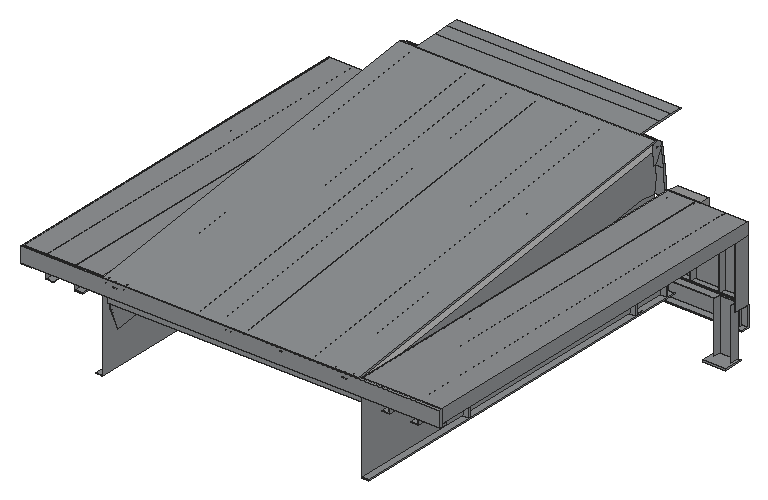
Revit family "ASSA_ABLOY_DockLeveler_DL6010SA", category Generic Models, Revit 2019
Family settings
  Can host rebar = No
  Round Connector Dimension = Use Diameter
  Part Type = Normal
  Work Plane-Based = No
  Always vertical = Yes
  Cut with Voids When Loaded = No
  Shared = No
  Room Calculation Point = No
Parameters (values of type "DL6010SA_StraightLip")
  Version = 2
  URL = "https://www.assaabloyentrance.com/global/en/solutions/products/loading-dock-equipment/dock-levelers/assa-abloy-dl6010sa-swingdock-autodock"
  TaperedSwingLip [instance] = no
  RubberBuffer [instance] = yes
  RestingPosition [instance] = no
  OptionForNominalWidth [instance] = "3300, 3500, 3600, 3750"  # constant formula
  OptionForNominalLength [instance] = "2000, 2450, 3000"  # constant formula
  OptionForLipLength [instance] = "400, 500"  # constant formula
  OptionForLevelerWidth [instance] = "2000, 2200"  # constant formula
  OptionForDockHeight [instance] = "950 To 1500, Every 50mm"  # constant formula
  NominalWidthWanted [instance] = 3300 mm
  NominalWidth [instance] = if(NominalWidthWanted < 3400 mm, 3300 mm, if(NominalWidthWanted < 3550 mm, 3500 mm, if(NominalWidthWanted < 3675 mm, 3600 mm, 3750 mm)))  # 3300 mm
  NominalLengthWanted [instance] = 3000 mm
  NominalLength [instance] = if(NominalLengthWanted < 2225 mm, 2000 mm, if(NominalLengthWanted < 2725 mm, 2450 mm, 3000 mm))  # 3000 mm
  Model = "DL6010SA"  # constant formula
  Manufacturer = "ASSA ABLOY"  # constant formula
  LipType = DL6010SA_LevelerTop : DL6010SA_StraightLip
  LipLengthWanted [instance] = 400 mm
  LipLength [instance] = if(LipLengthWanted > 450 mm, 500 mm, 400 mm)  # 400 mm
  LevelerWidthWanted [instance] = 2000 mm
  LevelerWidth [instance] = if(LevelerWidthWanted < 2100 mm, 2000 mm, 2200 mm)  # 2000 mm
  LevelerHeight [instance] = 700 mm  # constant formula
  LegHeight [instance] = DockHeight - LevelerHeight + 150 mm  # 400 mm
  LTen [instance] = if(LipLength = 400 mm, 119 mm, 19 mm)  # 119 mm
  LSixtyOne [instance] = if(and(LevelerWidth = 2200 mm, NominalWidth = 3300 mm), 180 mm, 220 mm)  # 220 mm
  LSixty [instance] = if(and(LevelerWidth = 2200 mm, NominalWidth = 3300 mm), 200 mm, 220 mm)  # 220 mm
  LOne [instance] = if(and(NominalWidth = 3300 mm, LevelerWidth = 2000 mm), 440 mm, if(and(NominalWidth = 3300 mm, LevelerWidth = 2200 mm), 340 mm, if(and(NominalWidth = 3500 mm, LevelerWidth = 2000 mm), 540 mm, if(and(NominalWidth = 3500 mm, LevelerWidth = 2200 mm), 440 mm, if(and(NominalWidth = 3600 mm, LevelerWidth = 2000 mm), 590 mm, 490 mm)))))  # 440 mm
  LTwelve [instance] = if(LevelerWidth = 2000 mm, 360 mm, 400 mm)  # 360 mm
  LNine [instance] = if(LevelerWidth = 2000 mm, 873 mm, 973 mm)  # 873 mm
  LFiftySeven [instance] = 800 mm  # constant formula
  LElevenHeight [instance] = if(RestingPosition, (LevelerHeight - 280 mm) / 2, if(and(NominalLength = 2000 mm, LevelerHeight = 600 mm), 157 mm, if(and(NominalLength = 2000 mm, LevelerHeight = 700 mm), 197 mm, if(and(NominalLength = 2450 mm, LevelerHeight = 600 mm), 182 mm, if(and(NominalLength = 2450 mm, LevelerHeight = 700 mm), 197 mm, if(and(NominalLength = 3000 mm, LevelerHeight = 600 mm), 187 mm, 257 mm))))))  # 257 mm
  LEleven [instance] = if(LevelerWidth = 2000 mm, 90 mm, 70 mm)  # 90 mm
  L1PlinthAngle [instance] = if(NominalLength = 2000 mm, 2040 mm, if(NominalLength = 2450 mm, 2480 mm, 3040 mm))  # 3040 mm
  L1Plinth [instance] = if(NominalLength = 2000 mm, 1860 mm, if(NominalLength = 2450 mm, 2300 mm, 2860 mm))  # 2860 mm
  Iron [instance] = Iron leveller
  InstallationAngleWanted [instance] = 45.00°
  InstallationAngleToBuilding [instance] = no
  InstallationAngleRight [instance] = if(InstallationAngle = 150.00°, 30.00°, if(InstallationAngle = 135.00°, 45.00°, if(InstallationAngle = 120.00°, 60.00°, if(InstallationAngle = 105.00°, 75.00°, 85.00°))))  # 85.00°
  InstallationAngleLeft [instance] = if(InstallationAngleWanted < 31.00°, 30.00°, if(InstallationAngleWanted < 46.00°, 45.00°, if(InstallationAngleWanted < 61.00°, 60.00°, if(InstallationAngleWanted < 76.00°, 75.00°, 85.00°))))  # 45.00°
  InstallationAngle [instance] = if(InstallationAngleWanted < 31.00°, 30.00°, if(InstallationAngleWanted < 46.00°, 45.00°, if(InstallationAngleWanted < 61.00°, 60.00°, if(InstallationAngleWanted < 76.00°, 75.00°, if(InstallationAngleWanted < 106.00°, 105.00°, if(InstallationAngleWanted < 121.00°, 120.00°, if(InstallationAngleWanted < 136.00°, 135.00°, if(InstallationAngleWanted < 136.00°, 135.00°, 90.00°))))))))  # 45.00°
  FrameCylinderSupportLocation [instance] = if(NominalLength = 2000 mm, 515 mm, if(NominalLength = 2450 mm, 660 mm, 985 mm))  # 985 mm
  FoldDownLip [instance] = yes
  ExtraSideSupport [instance] = NominalLength = 3000 mm  # yes
  ExtraFrontSupport [instance] = and(NominalWidth = 3600 mm, LevelerWidth = 2000 mm)  # no
  DockHeightWanted [instance] = 950 mm
  DockHeight [instance] = if(DockHeightWanted < 975 mm, 950 mm, if(DockHeightWanted < 1025 mm, 1000 mm, if(DockHeightWanted < 1075 mm, 1050 mm, if(DockHeightWanted < 1125 mm, 1100 mm, if(DockHeightWanted < 1175 mm, 1150 mm, if(DockHeightWanted < 1225 mm, 1200 mm, if(DockHeightWanted < 1275 mm, 1250 mm, if(DockHeightWanted < 1325 mm, 1300 mm, if(DockHeightWanted < 1375 mm, 1350 mm, if(DockHeightWanted < 1425 mm, 1400 mm, if(DockHeightWanted < 1475 mm, 1450 mm, 1500 mm)))))))))))  # 950 mm
  DistanceSupport [instance] = 350 mm  # constant formula
  DistanceReferencePlaneAngle [instance] = if(InstallationAngleLeft = 90.00°, 0 mm, 30 mm)  # 30 mm
  Description = "Docking Leveler"  # constant formula
  DL6010SA_StraightLip = DL6010SA_LevelerTop : DL6010SA_StraightLip
  DL6010SA_BentLip = DL6010SA_LevelerTop : DL6010SA_BentLip
  BetweenPlinth [instance] = if(NominalWidth = 3300 mm, 2950 mm, if(NominalWidth = 3500 mm, 3150 mm, 3250 mm))  # 2950 mm
  BelowDeckLevel [instance] = not(AboveDeckLevel)  # no
  AnglePlateRight [instance] = and(InstallationAngleToBuilding, InstallationAngle > 90.00°)  # no
  AnglePlateLeft [instance] = and(InstallationAngleToBuilding, InstallationAngle < 90.00°)  # no
  ActualVerticalWorkingRange [instance] = if(RestingPosition, 0 mm, if(and(NominalLength = 2000 mm, LipLength = 400 mm, BelowDeckLevel), -330 mm, if(and(NominalLength = 2000 mm, LipLength = 400 mm, AboveDeckLevel), 290 mm, if(and(NominalLength = 2000 mm, LipLength = 500 mm, BelowDeckLevel), -360 mm, if(and(NominalLength = 2000 mm, LipLength = 500 mm, AboveDeckLevel), 180 mm, if(and(NominalLength = 2450 mm, LipLength = 400 mm, BelowDeckLevel), -340 mm, if(and(NominalLength = 2450 mm, LipLength = 400 mm, AboveDeckLevel), 380 mm, if(and(NominalLength = 2450 mm, LipLength = 500 mm, BelowDeckLevel), -360 mm, if(and(NominalLength = 2450 mm, LipLength = 500 mm, AboveDeckLevel), 260 mm, if(and(NominalLength = 3000 mm, LipLength = 400 mm, BelowDeckLevel), -335 mm, if(and(NominalLength = 3000 mm, LipLength = 400 mm, AboveDeckLevel), 400 mm, if(and(NominalLength = 3000 mm, LipLength = 500 mm, BelowDeckLevel), -290 mm, if(and(NominalLength = 3000 mm, LipLength = 500 mm, AboveDeckLevel), 280 mm, 280 mm)))))))))))))  # 400 mm
  AboveDeckLevel [instance] = yes
Reference planes
  plane 1 "Front": y = 0
  plane 2 "Ground": z = 0
  plane 3 "Center (Left/Right)": x = 0
  plane 4 "LWR": x = 1000
  plane 5 "LWL": x = -1000
  plane 6 "Right": x = 1650
  plane 7 "Left": x = -1650
  plane 8 "Back": y = -3000
  plane 9: y = -3030
  plane 10: x = -1640
  plane 11: x = -1010
  plane 12: x = 1640
  plane 13: x = 1010
  plane 14 "DoorHeight": z = 950
  plane 15 "LevelerHeight": z = 250
  plane 16: z = 944
  plane 17: y = -34
  plane 18: z = 12
  plane 19: y = -75
  plane 20: y = -2990
  plane 21: y = -2005
  plane 22: y = -2990
  plane 23: y = -2990
  plane 24: y = -2990
  plane 25: y = -2990
  plane 26: x = 1640
  plane 27: y = -2985
  plane 28: x = -1635
  plane 29: x = -1555
  plane 30: x = 1635
  plane 31: x = 1555
  plane 32: x = -1115
  plane 33: x = 1115
  plane 34: z = 921
  plane 35: y = -2968.883
  plane 36: z = 921
  plane 37: z = 921
  plane 38: x = 850
  plane 39: z = 921
  plane 40: x = -850
  plane 41: z = 921
  plane 42: x = 991
  plane 43: z = 921
  plane 44: x = -991
  plane 45: z = 921
  plane 46: y = -2005
  plane 47: y = -2990
  plane 48: y = -376
  plane 49: y = -76
  plane 50: y = -2005
  plane 51: y = -376
  plane 52: y = -76
  plane 53: y = -2990
  plane 54: x = -1005.5
  plane 55: z = 850
  plane 56: y = -6
  plane 57: x = 1010
  plane 58: x = -1010
  plane 59: z = 416
  plane 60: x = 1010
  plane 61: x = -1010
  plane 62: y = -2990
  plane 63: y = -2990
  plane 64: y = -2990
  plane 65: x = 1790
  plane 66: z = 600
  plane 67: x = 1140.5
  plane 68: z = 825
  plane 69: z = 575
  plane 70: x = -1140.5
  plane 71: z = 825
  plane 72: z = 575
  plane 73: y = -6100
  plane 74: x = 1500
  plane 75: y = -140
  plane 76: x = 1545
  plane 77: x = -1545
  plane 78: x = -1475
  plane 79: x = 1475
  plane 80: x = -1595
  plane 81: x = -1495
  plane 82: x = 1495
  plane 83: x = 1595
  plane 84: y = -3180
  plane 85: x = -1010
  plane 86: x = 1640
Forms (mm)
  Extrusion 1, solid, material "Iron leveller" <- "Iron", visible <- "AnglePlateLeft"
    sketch origin (0, 0, 0) x (1, 0, 0) y (0, 1, 0)
      loop
        line (1650, -6330) -> (1650, -3030) -> (-1650, -3030) -> (1650, -6330)
    from 944 to 950
  Sweep 2, solid, material "Iron leveller" <- "Iron"
    path origin (0, 0, 0) x (1, 0, 0) y (0, 1, 0)
      loop
        line (-1000, 0) -> (-1000, -2990)
    profile origin (-1000, -1495, 0) x (1, 0, 0) y (0, 0, 1)
      loop
        line (-640, 950) -> (-640, 850) -> (-634, 850) -> (-634, 944) -> (-10, 944) -> (-10, 950) -> (-640, 950)
      loop
        line (2010, 950) -> (2010, 944) -> (2634, 944) -> (2634, 850) -> (2640, 850) -> (2640, 950) -> (2010, 950)
  Sweep 3, solid, material "Iron leveller" <- "Iron"
    path origin (0, 0, 0) x (1, 0, 0) y (0, 1, 0)
      loop
        line (0, -6) -> (0, -2990)
    profile origin (0, -1498, 0) x (1, 0, 0) y (0, 0, 1)
      loop
        line (1010, 944) -> (1010, 250) -> (1070, 250) -> (1070, 254) -> (1014, 254) -> (1014, 944) -> (1010, 944)
      loop
        line (-1010, 944) -> (-1014, 944) -> (-1014, 254) -> (-1070, 254) -> (-1070, 250) -> (-1010, 250) -> (-1010, 944)
  Sweep 4, solid, material "Iron leveller" <- "Iron"
    path origin (0, 0, 0) x (1, 0, 0) y (0, 0, 1)
      loop
        line (-1640, 250) -> (1640, 250)
    profile origin (0, 0, 250) x (0, 0, 1) y (0, -1, 0)
      loop
        line (120, 0) -> (120, 65) -> (115, 65) -> (115, 5) -> (-35, 5) -> (-35, 65) -> (-40, 65) -> (-40, 0) -> (120, 0)
  Sweep 5, solid, material "Iron leveller" <- "Iron"
    path origin (0, 0, 0) x (1, 0, 0) y (0, 0, 1)
      loop
        line (0, 944) -> (0, 370)
    profile origin (0, 0, 657) x (0, -1, 0) y (1, 0, 0)
      loop
        line (6, -1634) -> (6, -1010) -> (0, -1010) -> (0, -1634) -> (6, -1634)
      loop
        line (6, 1010) -> (6, 1634) -> (0, 1634) -> (0, 1010) -> (6, 1010)
  Sweep 6, solid, material "Iron leveller" <- "Iron"
    path origin (0, 0, 0) x (0, 1, 0) y (0, 0, 1)
      loop
        line (-6, 944) -> (-2990, 944)
    profile origin (0, -1498, 944) x (0, 0, -1) y (1, 0, 0)
      loop
        line (0, 1230) -> (0, 1227) -> (167, 1227) -> (167, 1170) -> (170, 1170) -> (170, 1230) -> (0, 1230)
      loop
        line (0, 1456.013) -> (0, 1453.013) -> (167, 1453.013) -> (167, 1396.013) -> (170, 1396.013) -> (170, 1456.013) -> (0, 1456.013)
      loop
        line (0, -1230) -> (170, -1230) -> (170, -1170) -> (167, -1170) -> (167, -1227) -> (0, -1227) -> (0, -1230)
      loop
        line (0, -1456.013) -> (170, -1456.013) -> (170, -1396.013) -> (167, -1396.013) -> (167, -1453.013) -> (0, -1453.013) -> (0, -1456.013)
  Sweep 7, solid, material "Iron leveller" <- "Iron"
    path origin (0, 0, 0) x (1, 0, 0) y (0, 0, 1)
      loop
        line (0, 12) -> (0, 412)
    profile origin (0, 0, 212) x (-1, 0, 0) y (0, -1, 0)
      loop
        line (1615, 75) -> (1615, 135) -> (1609, 135) -> (1609, 81) -> (1481, 81) -> (1481, 135) -> (1475, 135) -> (1475, 75) -> (1615, 75)
      loop
        line (-1475, 75) -> (-1475, 135) -> (-1481, 135) -> (-1481, 81) -> (-1609, 81) -> (-1609, 135) -> (-1615, 135) -> (-1615, 75) -> (-1475, 75)
  Sweep 8, solid, material "Iron leveller" <- "Iron"
    path origin (0, 0, 0) x (1, 0, 0) y (0, 0, 1)
      loop
        line (-1450, 12) -> (-1450, 0)
    profile origin (-1450, 0, 6) x (0, -1, 0) y (1, 0, 0)
      loop
        line (65, -185) -> (215, -185) -> (215, -5) -> (65, -5) -> (65, -185)
      loop
        line (65, 2905) -> (215, 2905) -> (215, 3085) -> (65, 3085) -> (65, 2905)
  Sweep 9, solid, material "Iron leveller" <- "Iron"
    path origin (0, 0, 250) x (-1, 0, 0) y (0, -1, 0)
      loop
        line (1010, 2005) -> (-1010, 2005)
    profile origin (0, -2005, 250) x (0, 1, 0) y (0, 0, 1)
      loop
        circle (17.01, 49.451) r 22.25
      loop
        circle (17.01, 49.451) r 17.25
  Sweep 10, solid, material "WarningMark"
    path origin (0, 0, 950) x (-1, 0, 0) y (0, -1, 0)
      loop
        line (1010, 0) -> (1010, 2990)
    profile origin (-1010, -1495, 950) x (1, 0, 0) y (0, 0, 1)
      loop
        line (0, 0) -> (0, -50) -> (1, -50) -> (1, 0) -> (0, 0)
      loop
        line (2020, 0) -> (2019, 0) -> (2019, -50) -> (2020, -50) -> (2020, 0)
  Sweep 11, solid, material "Iron leveller" <- "Iron"
    path origin (0, 0, 950) x (-1, 0, 0) y (0, -1, 0)
      loop
        line (1640, 3000) -> (-1640, 3000)
    profile origin (0, -3000, 950) x (0, 1, 0) y (0, 0, 1)
      loop
        line (-10, 0) -> (-10, -120) -> (10, -120) -> (10, 0) -> (-10, 0)
  Sweep 12, solid, material "Iron leveller" <- "Iron"
    path origin (0, 0, 0) x (0, 1, 0) y (0, 0, 1)
      loop
        line (-3000, 820) -> (-3000, 835)
    profile origin (0, -3000, 827.5) x (0, -1, 0) y (1, 0, 0)
      loop
        line (0, -1635) -> (0, -1555) -> (-50, -1555) -> (-50, -1635) -> (0, -1635)
      loop
        line (0, 1635) -> (-50, 1635) -> (-50, 1555) -> (0, 1555) -> (0, 1635)
      loop
        line (0, -1115) -> (0, -1035) -> (-50, -1035) -> (-50, -1115) -> (0, -1115)
      loop
        line (0, 1115) -> (-50, 1115) -> (-50, 1035) -> (0, 1035) -> (0, 1115)
  Sweep 13, solid, material "Iron leveller" <- "Iron"
    path origin (0, 0, 950) x (-1, 0, 0) y (0, -1, 0)
      loop
        line (61, 2968) -> (-61, 2968)
    profile origin (0, -2968, 950) x (0, 1, 0) y (0, 0, 1)
      loop
        circle (-0.883, -29) r 21
  Sweep 14, solid, material "Iron leveller" <- "Iron"
    path origin (0, 0, 950) x (-1, 0, 0) y (0, -1, 0)
      loop
        line (-360, 2968.883) -> (-482, 2968.883)
    profile origin (421, -2968.883, 950) x (0, 1, 0) y (0, 0, 1)
      loop
        circle (0, -29) r 21
  Sweep 15, solid, material "Iron leveller" <- "Iron"
    path origin (0, 0, 950) x (1, 0, 0) y (0, -1, 0)
      loop
        line (-360, 2968.883) -> (-482, 2968.883)
    profile origin (-421, -2968.883, 950) x (0, -1, 0) y (0, 0, 1)
      loop
        circle (0, -29) r 21
  Sweep 16, solid, material "Iron leveller" <- "Iron"
    path origin (0, 0, 950) x (-1, 0, 0) y (0, -1, 0)
      loop
        line (-782, 2968.883) -> (-850, 2968.883)
    profile origin (816, -2968.883, 950) x (0, 1, 0) y (0, 0, 1)
      loop
        circle (0, -29) r 13
      loop
        circle (0, -29) r 21
  Sweep 17, solid, material "Iron leveller" <- "Iron"
    path origin (0, 0, 950) x (1, 0, 0) y (0, -1, 0)
      loop
        line (-782, 2968.883) -> (-850, 2968.883)
    profile origin (-816, -2968.883, 950) x (0, -1, 0) y (0, 0, 1)
      loop
        circle (0, -29) r 13
      loop
        circle (0, -29) r 21
  Sweep 18, solid, material "Iron leveller" <- "Iron"
    path origin (141, 0, 950) x (-1, 0, 0) y (0, -1, 0)
      loop
        line (-782, 2968.883) -> (-850, 2968.883)
    profile origin (957, -2968.883, 950) x (0, 1, 0) y (0, 0, 1)
      loop
        circle (0, -29) r 13
      loop
        circle (0, -29) r 21
  Sweep 19, solid, material "Iron leveller" <- "Iron"
    path origin (-141, 0, 950) x (1, 0, 0) y (0, -1, 0)
      loop
        line (-782, 2968.883) -> (-850, 2968.883)
    profile origin (-957, -2968.883, 950) x (0, -1, 0) y (0, 0, 1)
      loop
        circle (0, -29) r 13
      loop
        circle (0, -29) r 21
  Sweep 20, solid, material "Iron leveller" <- "Iron"
    path origin (0, 0, 950) x (-1, 0, 0) y (0, -1, 0)
      loop
        line (992, 2990) -> (781, 2990)
    profile origin (-886.5, -2990, 950) x (0, 1, 0) y (0, 0, 1)
      loop
        line (0, -50.478) -> (0, -75.478) -> (25, -75.478) -> (25, -50.478) -> (0, -50.478)
  Sweep 21, solid, material "Iron leveller" <- "Iron"
    path origin (0, 0, 950) x (1, 0, 0) y (0, -1, 0)
      loop
        line (992, 2990) -> (781, 2990)
    profile origin (886.5, -2990, 950) x (0, -1, 0) y (0, 0, 1)
      loop
        line (0, -50.478) -> (-25, -50.478) -> (-25, -75.478) -> (0, -75.478) -> (0, -50.478)
  Sweep 22, solid, material "Iron leveller" <- "Iron"
    path origin (0, 0, 950) x (-1, 0, 0) y (0, -1, 0)
      loop
        line (1014, 722.355) -> (1064, 722.355)
    profile origin (-1039, -722.355, 950) x (0, -1, 0) y (0, 0, 1)
      loop
        line (1279.645, -6) -> (1279.645, -696) -> (1285.645, -696) -> (1285.645, -6) -> (1279.645, -6)
      loop
        line (-343.355, -6) -> (-349.355, -6) -> (-349.355, -696) -> (-343.355, -696) -> (-343.355, -6)
      loop
        line (-643.355, -6) -> (-649.355, -6) -> (-649.355, -696) -> (-643.355, -696) -> (-643.355, -6)
  Sweep 23, solid, material "Iron leveller" <- "Iron"
    path origin (0, 0, 950) x (1, 0, 0) y (0, -1, 0)
      loop
        line (1014, 722.355) -> (1064, 722.355)
    profile origin (1039, -722.355, 950) x (0, 1, 0) y (0, 0, 1)
      loop
        line (-1279.645, -6) -> (-1285.645, -6) -> (-1285.645, -696) -> (-1279.645, -696) -> (-1279.645, -6)
      loop
        line (343.355, -6) -> (343.355, -696) -> (349.355, -696) -> (349.355, -6) -> (343.355, -6)
      loop
        line (643.355, -6) -> (643.355, -696) -> (649.355, -696) -> (649.355, -6) -> (643.355, -6)
  Sweep 24, solid, material "Iron leveller" <- "Iron"
    path origin (0, 0, 0) x (1, 0, 0) y (0, 0, 1)
      loop
        line (-1440, 944) -> (-1440, 416)
    profile origin (-1440, 0, 680) x (0, -1, 0) y (1, 0, 0)
      loop
        line (6, -16.013) -> (6, -22.027) -> (56, -22.027) -> (56, -16.013) -> (6, -16.013)
      loop
        line (6, 210) -> (6, 203.987) -> (56, 203.987) -> (56, 210) -> (6, 210)
      loop
        line (6, 2676.013) -> (6, 2670) -> (56, 2670) -> (56, 2676.013) -> (6, 2676.013)
      loop
        line (6, 2902.027) -> (6, 2896.013) -> (56, 2896.013) -> (56, 2902.027) -> (6, 2902.027)
  Sweep 25, solid, material "Iron leveller" <- "Iron"
    path origin (0, 0, 0) x (1, 0, 0) y (0, 0, 1)
      loop
        line (-1640, 850) -> (-1640, 370)
    profile origin (-1640, 0, 610) x (0, -1, 0) y (1, 0, 0)
      loop
        line (0, 0) -> (120, 0) -> (120, 6) -> (0, 6) -> (0, 0)
      loop
        line (0, 3280) -> (0, 3274) -> (120, 3274) -> (120, 3280) -> (0, 3280)
  Sweep 26, solid, material "Iron leveller" <- "Iron"
    path origin (0, 0, 950) x (-1, 0, 0) y (0, -1, 0)
      loop
        line (1634, 6) -> (1014, 6)
    profile origin (-1324, -6, 950) x (0, 1, 0) y (0, 0, 1)
      loop
        line (0, -534) -> (-50, -534) -> (-50, -540) -> (0, -540) -> (0, -534)
      loop
        line (-2978, -91) -> (-2978, -6) -> (-2984, -6) -> (-2984, -91) -> (-2978, -91)
  Sweep 27, solid, material "Iron leveller" <- "Iron"
    path origin (0, 0, 950) x (1, 0, 0) y (0, -1, 0)
      loop
        line (1634, 6) -> (1014, 6)
    profile origin (1324, -6, 950) x (0, -1, 0) y (0, 0, 1)
      loop
        line (0, -534) -> (0, -540) -> (50, -540) -> (50, -534) -> (0, -534)
      loop
        line (2978, -6) -> (2978, -91) -> (2984, -91) -> (2984, -6) -> (2978, -6)
  Sweep 28, solid, material "Iron leveller" <- "Iron", visible <- "ExtraFrontSupport"
    path origin (0, 0, 0) x (1, 0, 0) y (0, 0, 1)
      loop
        line (-1440, 944) -> (-1440, 416)
    profile origin (-1440, 0, 680) x (0, -1, 0) y (1, 0, 0)
      loop
        line (6, -192.013) -> (6, -198.027) -> (56, -198.027) -> (56, -192.013) -> (6, -192.013)
      loop
        line (6, 3078.027) -> (6, 3072.013) -> (56, 3072.013) -> (56, 3078.027) -> (6, 3078.027)
  Sweep 29, solid, material "Iron leveller" <- "Iron"
    path origin (0, 0, 0) x (0, 1, 0) y (0, 0, 1)
      loop
        line (-300, 250) -> (-340, 250)
    profile origin (0, -320, 250) x (0, 0, -1) y (1, 0, 0)
      loop
        line (0, -950) -> (0, -1050) -> (8, -1050) -> (8, -950) -> (0, -950)
      loop
        line (0, 950) -> (8, 950) -> (8, 1050) -> (0, 1050) -> (0, 950)
  Sweep 30, solid, material "Iron leveller" <- "Iron"
    path origin (0, 0, 950) x (-1, 0, 0) y (0, -1, 0)
      loop
        line (-1634, 15) -> (-1534, 15)
    profile origin (1584, -15, 950) x (0, -1, 0) y (0, 0, 1)
      loop
        line (2669, -6) -> (2669, -86) -> (2675, -86) -> (2675, -6) -> (2669, -6)
      loop
        line (1869, -6) -> (1869, -86) -> (1875, -86) -> (1875, -6) -> (1869, -6)
      loop
        line (1069, -6) -> (1069, -86) -> (1075, -86) -> (1075, -6) -> (1069, -6)
  Sweep 31, solid, material "Iron leveller" <- "Iron"
    path origin (0, 0, 950) x (1, 0, 0) y (0, -1, 0)
      loop
        line (-1634, 15) -> (-1534, 15)
    profile origin (-1584, -15, 950) x (0, 1, 0) y (0, 0, 1)
      loop
        line (-2669, -6) -> (-2675, -6) -> (-2675, -86) -> (-2669, -86) -> (-2669, -6)
      loop
        line (-1869, -6) -> (-1875, -6) -> (-1875, -86) -> (-1869, -86) -> (-1869, -6)
      loop
        line (-1069, -6) -> (-1075, -6) -> (-1075, -86) -> (-1069, -86) -> (-1069, -6)
  Sweep 32, solid, material "Iron leveller" <- "Iron"
    path origin (0, 0, 250) x (-1, 0, 0) y (0, -1, 0)
      loop
        line (955, 2005) -> (1000, 2005)
    profile origin (-977.5, -2005, 250) x (0, -1, 0) y (0, 0, 1)
      loop
        line (3, 15) -> (15.941, 63.296) -> (10.145, 64.849) -> (-1.243, 22.348) -> (-92.04, 46.677) -> (-93.593, 40.882) -> (3, 15)
  Sweep 33, solid, material "Iron leveller" <- "Iron"
    path origin (0, 0, 250) x (1, 0, 0) y (0, -1, 0)
      loop
        line (955, 2005) -> (1000, 2005)
    profile origin (977.5, -2005, 250) x (0, 1, 0) y (0, 0, 1)
      loop
        line (-3, 15) -> (93.593, 40.882) -> (92.04, 46.677) -> (1.243, 22.348) -> (-10.145, 64.849) -> (-15.941, 63.296) -> (-3, 15)
  Sweep 34, solid, material "Iron leveller" <- "Iron", visible <- "ExtraFrontSupport"
    path origin (0, 0, 0) x (0, 1, 0) y (0, 0, 1)
      loop
        line (-6, 944) -> (-2990, 944)
    profile origin (0, -1498, 944) x (0, 0, -1) y (1, 0, 0)
      loop
        line (0, 1632.013) -> (0, 1629.013) -> (167, 1629.013) -> (167, 1572.013) -> (170, 1572.013) -> (170, 1632.013) -> (0, 1632.013)
      loop
        line (0, -1632.013) -> (170, -1632.013) -> (170, -1572.013) -> (167, -1572.013) -> (167, -1629.013) -> (0, -1629.013) -> (0, -1632.013)
  Sweep 35, solid, material "Iron leveller" <- "Iron"
    path origin (0, 0, 0) x (0, 1, 0) y (0, 0, 1)
      loop
        line (0, 370) -> (0, 489)
    profile origin (0, 0, 429.5) x (0, -1, 0) y (1, 0, 0)
      loop
        line (0, 608) -> (50, 608) -> (50, 613) -> (5, 613) -> (5, 703) -> (50, 703) -> (50, 708) -> (0, 708) -> (0, 608)
      loop
        line (0, -608) -> (0, -708) -> (50, -708) -> (50, -703) -> (5, -703) -> (5, -613) -> (50, -613) -> (50, -608) -> (0, -608)
  Sweep 36, solid, material "Iron leveller" <- "Iron"
    path origin (0, 0, 250) x (-1, 0, 0) y (0, -1, 0)
      loop
        line (1015, 65) -> (-1015, 65)
    profile origin (0, -65, 250) x (0, 1, 0) y (0, 0, 1)
      loop
        line (0, 115) -> (0, -27) -> (8, -27) -> (8, 115) -> (0, 115)
  Sweep 37, solid, material "Iron leveller" <- "Iron"
    path origin (0, 0, 0) x (1, 0, 0) y (0, 0, 1)
      loop
        line (-1640, 250) -> (-1640, 420)
    profile origin (-1640, 0, 335) x (-1, 0, 0) y (0, -1, 0)
      loop
        line (-6, 65) -> (-6, 75) -> (-166, 75) -> (-166, 65) -> (-6, 65)
      loop
        line (-3114, 65) -> (-3114, 75) -> (-3274, 75) -> (-3274, 65) -> (-3114, 65)
  Sweep 38, solid, material "Iron leveller" <- "Iron"
    path origin (0, 0, 0) x (1, 0, 0) y (0, 0, 1)
      loop
        line (-593, 460) -> (-593, 310)
    profile origin (-593, 0, 385) x (0, -1, 0) y (1, 0, 0)
      loop
        line (65, 0) -> (115, 0) -> (115, 5) -> (70, 5) -> (70, 50) -> (65, 50) -> (65, 0)
      loop
        line (65, 1186) -> (65, 1136) -> (70, 1136) -> (70, 1181) -> (115, 1181) -> (115, 1186) -> (65, 1186)
  Sweep 39, solid, material "Iron leveller" <- "Iron"
    path origin (0, 0, 250) x (-1, 0, 0) y (0, -1, 0)
      loop
        line (718, 0) -> (598, 0)
    profile origin (-658, 0, 250) x (0, 1, 0) y (0, 0, 1)
      loop
        line (0, 239) -> (0, 289) -> (-6, 289) -> (-6, 245) -> (-100, 245) -> (-100, 239) -> (0, 239)
  Sweep 40, solid, material "Iron leveller" <- "Iron"
    path origin (0, 0, 250) x (1, 0, 0) y (0, -1, 0)
      loop
        line (718, 0) -> (598, 0)
    profile origin (658, 0, 250) x (0, -1, 0) y (0, 0, 1)
      loop
        line (0, 239) -> (100, 239) -> (100, 245) -> (6, 245) -> (6, 289) -> (0, 289) -> (0, 239)
  SweptBlend 41, solid, material "Black Rubber", visible <- "RubberBuffer"
    path origin (0, 0, 250) x (-1, 0, 0) y (0, -1, 0)
      loop
        line (1010, 0) -> (1010, -90)
    profile origin (-1010, 0, 250) x (-1, 0, 0) y (0, 0, 1)
      loop
        line (5.5, 700) -> (5.5, 200) -> (255.5, 200) -> (255.5, 700) -> (5.5, 700)
    end profile origin (-1010, 90, 250) x (-1, 0, 0) y (0, 0, 1)
      loop
        line (250.5, 695) -> (10.5, 695) -> (10.5, 205) -> (250.5, 205) -> (250.5, 695)
  SweptBlend 42, solid, material "Black Rubber", visible <- "RubberBuffer"
    path origin (0, 0, 250) x (1, 0, 0) y (0, -1, 0)
      loop
        line (1010, 0) -> (1010, -90)
    profile origin (1010, 0, 250) x (-1, 0, 0) y (0, 0, 1)
      loop
        line (-5.5, 700) -> (-255.5, 700) -> (-255.5, 200) -> (-5.5, 200) -> (-5.5, 700)
    end profile origin (1010, 90, 250) x (-1, 0, 0) y (0, 0, 1)
      loop
        line (-250.5, 695) -> (-250.5, 205) -> (-10.5, 205) -> (-10.5, 695) -> (-250.5, 695)
  Extrusion 43, void
    sketch origin (0, 0, 0) x (1, 0, 0) y (0, 0, 1)
      loop
        circle (1140.5, 825) r 31
      loop
        circle (1140.5, 575) r 31
    from -90 to -30.454
  Extrusion 44, void
    sketch origin (0, 0, 0) x (-1, 0, 0) y (0, 0, -1)
      loop
        circle (1140.5, -825) r 31
      loop
        circle (1140.5, -575) r 31
    from -90 to -30.454
  Sweep 45, solid, material "Iron leveller" <- "Iron", visible <- "AnglePlateLeft"
    path origin (0, 0, 0) x (0, 1, 0) y (0, 0, 1)
      loop
        line (-215, 0) -> (-215, 12)
    profile origin (0, -215, 6) x (0, -1, 0) y (1, 0, 0)
      loop
        line (2890, 1635) -> (2890, 1455) -> (3040, 1455) -> (3040, 1635) -> (2890, 1635)
  Sweep 46, solid, material "Iron leveller" <- "Iron", visible <- "AnglePlateLeft"
    path origin (0, 0, 0) x (0, 1, 0) y (0, 0, 1)
      loop
        line (-180.773, 12) -> (-180.773, 944)
    profile origin (0, -180.773, 478) x (0, -1, 0) y (1, 0, 0)
      loop
        line (2934.227, 1475) -> (2994.227, 1475) -> (2994.227, 1481) -> (2940.227, 1481) -> (2940.227, 1609) -> (2994.227, 1609) -> (2994.227, 1615) -> (2934.227, 1615) -> (2934.227, 1475)
  Sweep 47, solid, material "Iron leveller" <- "Iron", visible <- "AnglePlateLeft"
    path origin (0, 0, 250) x (-1, 0, 0) y (0, -1, 0)
      loop
        line (-1650, 6330) -> (-1650, 3030)
    profile origin (1650, -4680, 250) x (-1, 0, 0) y (0, 0, 1)
      loop
        line (10, 600) -> (16, 600) -> (16, 694) -> (10, 694) -> (10, 600)
Cuts and joins
  Extrusion 43 cuts Sweep 5
  Extrusion 43, Extrusion 44 cuts SweptBlend 42
  Extrusion 44 cuts SweptBlend 41
Lines and regions (mm)
  reference lines
    curve 1: line (-1650, -3030, 950) -> (2295.156, -6975.156, 950)
Dimensions and locks
  equal spacing: plane 5 "LWL", plane 3 "Center (Left/Right)", plane 4 "LWR"
  "LevelerWidth": plane 5 "LWL" to plane 4 "LWR"
  equal spacing: plane 7 "Left", plane 3 "Center (Left/Right)", plane 6 "Right"
  "NominalWidth": plane 7 "Left" to plane 6 "Right"
  "NominalLength": plane 8 "Back" to plane 1 "Front"
  "DistanceReferencePlaneAngle": plane 8 "Back" to plane 9
  locked: plane 8 "Back" to Extrusion 1 sketch curve at 30
  locked: plane 10 to plane 7 "Left" at 10
  locked: plane 5 "LWL" to plane 11 at 10
  locked: plane 4 "LWR" to plane 13 at 10
  locked: plane 12 to plane 6 "Right" at 10
  Sweep 3 sketch curve to plane 4 "LWR" = 10 mm
  Sweep 3 sketch curve to Sweep 3 sketch curve = 4 mm  (x4)
  Sweep 3 sketch curve to Sweep 3 sketch curve = 60 mm  (x2)
  locked: plane 5 "LWL" to Sweep 3 sketch curve at 10
  "DockHeight": plane 14 "DoorHeight" to plane 2 "Ground"
  "LevelerHeight": plane 14 "DoorHeight" to plane 15 "LevelerHeight"
  plane 14 "DoorHeight" to plane 16 = 6 mm
  plane 6 "Right" to Sweep 4 sketch curve = 10 mm
  locked: Sweep 4 sketch curve to plane 7 "Left" at 10
  Sweep 4 sketch curve to Sweep 4 sketch curve = 160 mm
  Sweep 5 sketch curve to Sweep 2 = 6 mm  (x2)
  locked: plane 18 to plane 2 "Ground" at 12
  Sweep 7 sketch curve to Sweep 7 sketch curve = 140 mm  (x2)
  Sweep 7 sketch curve to Sweep 7 sketch curve = 60 mm  (x4)
  Sweep 8 sketch curve to Sweep 8 sketch curve = 12 mm
  Sweep 8 sketch curve to Sweep 8 sketch curve = 180 mm
  locked: Sweep 8 sketch curve to Sweep 8 sketch curve at 150
  Sweep 9 sketch curve to plane 5 "LWL" = 10 mm
  plane 4 "LWR" to Sweep 9 sketch curve = 10 mm
  locked: plane 20 to plane 8 "Back" at 10
  "FrameCylinderSupportLocation": Sweep 9 sketch curve to plane 20
  plane 22 to plane 8 "Back" = 10 mm
  "FrameCylinderSupportLocation": plane 21 to plane 22
  plane 23 to plane 8 "Back" = 10 mm
  plane 8 "Back" to plane 24 = 10 mm
  plane 25 to plane 8 "Back" = 10 mm
  plane 1 "Front" to Sweep 6 sketch curve = 6 mm
  plane 6 "Right" to plane 26 = 10 mm
  Sweep 10 sketch curve to plane 5 "LWL" = 10 mm
  Sweep 10 sketch curve to plane 8 "Back" = 10 mm
  Sweep 10 sketch curve to plane 4 "LWR" = 10 mm
  Sweep 10 sketch curve to Sweep 10 sketch curve = 1 mm  (x2)
  Sweep 10 sketch curve to Sweep 10 sketch curve = 50 mm  (x2)
  Sweep 11 sketch curve to plane 6 "Right" = 10 mm
  plane 7 "Left" to Sweep 11 sketch curve = 10 mm
  Sweep 11 sketch curve to Sweep 11 sketch curve = 120 mm
  plane 8 "Back" to Sweep 11 sketch curve = 10 mm
  Sweep 11 sketch curve to plane 8 "Back" = 10 mm
  plane 27 to plane 8 "Back" = 15 mm
  plane 14 "DoorHeight" to Sweep 12 sketch curve = 115 mm
  Sweep 12 sketch curve to Sweep 12 sketch curve = 15 mm
  plane 7 "Left" to plane 28 = 15 mm
  plane 28 to plane 29 = 80 mm
  plane 30 to plane 31 = 80 mm
  plane 30 to plane 6 "Right" = 15 mm
  Sweep 12 sketch curve to Sweep 12 sketch curve = 50 mm  (x3)
  "LOne": plane 29 to plane 32
  "LOne": plane 33 to plane 31
  Sweep 12 sketch curve to Sweep 12 sketch curve = 80 mm  (x2)
  Sweep 13 sketch curve to plane 8 "Back" = 32 mm
  Sweep 13 sketch curve to Sweep 13 sketch curve = 122 mm
  Sweep 13 sketch curve to plane 3 "Center (Left/Right)" to Sweep 13 sketch curve = 61 mm, 61 mm
  plane 14 "DoorHeight" to plane 34 = 29 mm
  plane 35 to plane 8 "Back" = 31.117 mm
  "LTwelve": plane 3 "Center (Left/Right)" to Sweep 14 sketch curve
  plane 8 "Back" to Sweep 14 sketch curve = 31.117 mm
  plane 14 "DoorHeight" to plane 36 = 29 mm
  Sweep 15 sketch curve to plane 8 "Back" = 31.117 mm
  "LTwelve": Sweep 15 sketch curve to plane 3 "Center (Left/Right)"
  plane 14 "DoorHeight" to plane 37 = 29 mm
  plane 38 to plane 4 "LWR" = 150 mm  (x2)
  Sweep 16 sketch curve to Sweep 16 sketch curve = 68 mm
  plane 8 "Back" to Sweep 16 sketch curve = 31.117 mm
  profile plane to plane 8 "Back" = 31.117 mm  (x4)
  Sweep 17 sketch curve to Sweep 17 sketch curve = 68 mm
  profile plane to plane 41 = 29 mm
  plane 5 "LWL" to plane 40 = 150 mm
  Sweep 17 sketch curve to plane 8 "Back" = 31.117 mm
  plane 14 "DoorHeight" to plane 41 = 29 mm
  Sweep 18 sketch curve to Sweep 18 sketch curve = 68 mm
  plane 8 "Back" to Sweep 18 sketch curve = 31.117 mm
  Sweep 16 to Sweep 18 sketch curve = 73 mm
  Sweep 19 sketch curve to Sweep 19 sketch curve = 68 mm
  profile plane to plane 45 = 29 mm
  Sweep 19 sketch curve to plane 8 "Back" = 31.117 mm
  Sweep 19 sketch curve to Sweep 17 = 73 mm
  plane 14 "DoorHeight" to plane 45 = 29 mm
  Sweep 20 sketch curve to Sweep 19 = 1 mm
  Sweep 17 to Sweep 20 sketch curve = 1 mm
  Sweep 20 sketch curve to Sweep 20 sketch curve = 25 mm  (x2)
  plane 14 "DoorHeight" to Sweep 20 sketch curve = 50.478 mm
  Sweep 20 sketch curve to plane 8 "Back" = 10 mm
  Sweep 21 sketch curve to Sweep 21 sketch curve = 25 mm  (x2)
  Sweep 21 sketch curve to Sweep 16 = 1 mm
  Sweep 18 to Sweep 21 sketch curve = 1 mm
  Sweep 21 sketch curve to plane 8 "Back" = 10 mm
  plane 14 "DoorHeight" to Sweep 21 sketch curve = 50.478 mm
  locked: Sweep 22 sketch curve to plane 5 "LWL" at 14
  Sweep 22 sketch curve to Sweep 22 sketch curve = 50 mm
  locked: plane 47 to plane 8 "Back" at 10
  "FrameCylinderSupportLocation": plane 46 to plane 47
  Sweep 22 sketch curve to plane 15 "LevelerHeight" = 4 mm
  Sweep 22 sketch curve to plane 14 "DoorHeight" = 6 mm  (x2)
  Sweep 22 sketch curve to Sweep 22 sketch curve = 6 mm  (x3)
  equal spacing: Sweep 22 sketch curve, plane 46, Sweep 22 sketch curve
  equal spacing: Sweep 22 sketch curve, plane 48, Sweep 22 sketch curve
  equal spacing: Sweep 22 sketch curve, plane 49, Sweep 22 sketch curve
  plane 15 "LevelerHeight" to Sweep 22 sketch curve = 4 mm  (x2)
  plane 14 "DoorHeight" to Sweep 22 sketch curve = 6 mm
  Sweep 23 sketch curve to Sweep 23 sketch curve = 50 mm
  Sweep 23 sketch curve to Sweep 23 sketch curve = 6 mm  (x3)
  equal spacing: Sweep 23 sketch curve, plane 50, Sweep 23 sketch curve
  equal spacing: Sweep 23 sketch curve, plane 51, Sweep 23 sketch curve
  equal spacing: Sweep 23 sketch curve, plane 52, Sweep 23 sketch curve
  plane 4 "LWR" to Sweep 23 sketch curve = 14 mm
  Sweep 23 sketch curve to plane 15 "LevelerHeight" = 4 mm  (x3)
  plane 14 "DoorHeight" to Sweep 23 sketch curve = 6 mm  (x3)
  locked: plane 53 to plane 8 "Back" at 10
  "FrameCylinderSupportLocation": plane 50 to plane 53
  plane 14 "DoorHeight" to Sweep 24 sketch curve = 6 mm
  Sweep 24 sketch curve to plane 1 "Front" = 6 mm  (x2)
  Sweep 24 sketch curve to Sweep 24 sketch curve = 50 mm  (x4)
  Sweep 24 sketch curve to Sweep 24 sketch curve = 6.013 mm  (x4)
  plane 14 "DoorHeight" to plane 39 = 29 mm
  plane 14 "DoorHeight" to plane 43 = 29 mm
  plane 14 "DoorHeight" to plane 55 = 100 mm
  plane 6 "Right" to Sweep 2 sketch curve = 16 mm
  Sweep 2 sketch curve to plane 7 "Left" = 16 mm
  plane 56 to plane 1 "Front" = 6 mm
  plane 14 "DoorHeight" to Sweep 25 sketch curve = 100 mm
  Sweep 25 sketch curve to Sweep 25 sketch curve = 120 mm  (x2)
  plane 14 "DoorHeight" to Sweep 5 sketch curve = 6 mm
  locked: plane 1 "Front" to plane 49 at 76
  locked: plane 49 to plane 48 at 300
  plane 1 "Front" to plane 52 = 76 mm
  locked: plane 52 to plane 51 at 300
  Sweep 26 sketch curve to plane 5 "LWL" = 14 mm
  plane 7 "Left" to Sweep 26 sketch curve = 16 mm
  Sweep 26 sketch curve to Sweep 24 = 6 mm
  Sweep 26 sketch curve to Sweep 26 sketch curve = 50 mm
  Sweep 26 sketch curve to plane 15 "LevelerHeight" = 160 mm
  plane 1 "Front" to Sweep 26 sketch curve = 6 mm
  Sweep 27 sketch curve to Sweep 27 sketch curve = 50 mm
  plane 4 "LWR" to Sweep 27 sketch curve = 14 mm
  Sweep 27 sketch curve to plane 6 "Right" = 16 mm
  Sweep 26 to Sweep 27 sketch curve = 6 mm  (x2)
  plane 1 "Front" to Sweep 27 sketch curve = 6 mm
  Sweep 26 sketch curve to Sweep 26 sketch curve = 85 mm
  Sweep 26 sketch curve to plane 8 "Back" = 10 mm
  Sweep 26 sketch curve to plane 14 "DoorHeight" = 6 mm
  Sweep 26 sketch curve to Sweep 26 sketch curve = 6 mm
  Sweep 27 sketch curve to Sweep 26 = 85 mm
  locked: Sweep 27 sketch curve to plane 8 "Back" at 10
  plane 14 "DoorHeight" to Sweep 27 sketch curve = 6 mm
  "LSixtyOne": Sweep 24 sketch curve to Sweep 24 sketch curve  (x2)
  locked: plane 4 "LWR" to plane 57 at 10
  "LSixty": plane 57 to Sweep 24 sketch curve
  plane 58 to plane 5 "LWL" = 10 mm
  "LSixty": Sweep 24 sketch curve to plane 58
  Sweep 28 sketch curve to Sweep 28 sketch curve = 6.013 mm  (x2)
  Sweep 28 sketch curve to Sweep 28 sketch curve = 50 mm  (x2)
  plane 59 to plane 15 "LevelerHeight" = 166 mm
  plane 16 to plane 59 = 528 mm
  locked: plane 60 to Sweep 28 sketch curve at 622.013
  locked: Sweep 28 sketch curve to plane 61 at 622.013
  plane 1 "Front" to Sweep 29 sketch curve = 300 mm
  Sweep 29 sketch curve to Sweep 29 sketch curve = 40 mm
  Sweep 29 sketch curve to plane 5 "LWL" = 50 mm  (x2)
  Sweep 29 sketch curve to Sweep 29 sketch curve = 8 mm  (x2)
  Sweep 29 sketch curve to plane 4 "LWR" to Sweep 29 sketch curve = 50 mm, 50 mm
  locked: Sweep 30 sketch curve to plane 6 "Right" at 16
  Sweep 30 sketch curve to Sweep 30 sketch curve = 100 mm
  Sweep 30 sketch curve to Sweep 30 sketch curve = 6 mm  (x3)
  Sweep 30 sketch curve to Sweep 30 sketch curve = 80 mm  (x3)
  locked: Sweep 30 sketch curve to plane 8 "Back" at 310
  "LFiftySeven": Sweep 30 sketch curve to Sweep 30 sketch curve  (x2)
  Sweep 31 sketch curve to Sweep 31 sketch curve = 100 mm
  Sweep 31 sketch curve to Sweep 31 sketch curve = 6 mm  (x3)
  Sweep 31 sketch curve to Sweep 31 sketch curve = 80 mm  (x3)
  "LFiftySeven": Sweep 31 sketch curve to Sweep 31 sketch curve  (x2)
  plane 7 "Left" to Sweep 31 sketch curve = 16 mm
  Sweep 31 sketch curve to plane 8 "Back" = 310 mm
  plane 62 to plane 8 "Back" = 10 mm
  "FrameCylinderSupportLocation": Sweep 32 sketch curve to plane 62
  Sweep 32 sketch curve to Sweep 32 sketch curve = 45 mm
  Sweep 32 sketch curve to plane 15 "LevelerHeight" = 15 mm
  Sweep 32 sketch curve to Sweep 32 sketch curve = 100 mm
  Sweep 32 sketch curve to Sweep 32 sketch curve = 6 mm
  Sweep 32 sketch curve to Sweep 32 sketch curve to Sweep 32 sketch curve = 6 mm, 44 mm
  profile plane to Sweep 32 sketch curve = 3 mm
  "FrameCylinderSupportLocation": Sweep 33 sketch curve to plane 63
  Sweep 33 sketch curve to Sweep 33 sketch curve = 45 mm
  Sweep 33 sketch curve to Sweep 33 sketch curve = 100 mm
  Sweep 33 sketch curve to Sweep 33 sketch curve = 6 mm
  Sweep 33 sketch curve to Sweep 33 sketch curve to Sweep 33 sketch curve = 6 mm, 44 mm
  Sweep 33 sketch curve to profile plane = 3 mm
  Sweep 33 sketch curve to plane 15 "LevelerHeight" = 15 mm
  plane 63 to plane 8 "Back" = 10 mm
  Sweep 6 sketch curve to Sweep 6 sketch curve = 170 mm  (x4)
  Sweep 6 sketch curve to Sweep 6 sketch curve = 60 mm  (x4)
  Sweep 6 sketch curve to Sweep 6 sketch curve = 3 mm  (x8)
  Sweep 34 sketch curve to Sweep 34 sketch curve = 170 mm  (x2)
  Sweep 34 sketch curve to Sweep 34 sketch curve = 60 mm  (x2)
  Sweep 34 sketch curve to Sweep 34 sketch curve = 3 mm  (x4)
  plane 1 "Front" to Sweep 34 sketch curve = 6 mm
  plane 64 to plane 8 "Back" = 10 mm
  "LTen": Sweep 35 sketch curve to Sweep 35 sketch curve
  locked: plane 3 "Center (Left/Right)" to Sweep 35 sketch curve at 608
  locked: Sweep 35 sketch curve to plane 3 "Center (Left/Right)" at 608
  Sweep 35 sketch curve to Sweep 35 sketch curve to Sweep 35 sketch curve to Sweep 35 sketch curve = 5 mm, 90 mm, 5 mm  (x2)
  Sweep 35 sketch curve to Sweep 35 sketch curve to Sweep 35 sketch curve = 45 mm, 5 mm
  equal spacing: Sweep 35 sketch curve, Sweep 35 sketch curve, Sweep 35 sketch curve  (x2)
  Sweep 35 sketch curve to Sweep 35 sketch curve to Sweep 35 sketch curve = 5 mm, 45 mm
  Sweep 36 sketch curve to plane 5 "LWL" = 15 mm
  plane 4 "LWR" to Sweep 36 sketch curve = 15 mm
  Sweep 36 sketch curve to plane 1 "Front" = 65 mm
  Sweep 36 sketch curve to Sweep 36 sketch curve = 8 mm
  Sweep 36 sketch curve to Sweep 36 sketch curve = 142 mm
  Sweep 37 sketch curve to plane 7 "Left" = 10 mm
  Sweep 37 sketch curve to Sweep 37 sketch curve = 10 mm  (x2)
  Sweep 37 sketch curve to Sweep 37 sketch curve = 160 mm  (x2)
  Sweep 37 sketch curve to plane 1 "Front" = 65 mm  (x2)
  plane 7 "Left" to Sweep 37 sketch curve = 16 mm
  Sweep 37 sketch curve to plane 6 "Right" = 16 mm
  locked: Sweep 38 sketch curve to Sweep 38 sketch curve at 150
  Sweep 35 to Sweep 38 sketch curve = 15 mm  (x2)
  Sweep 38 sketch curve to plane 1 "Front" = 65 mm
  Sweep 38 sketch curve to Sweep 38 sketch curve = 50 mm  (x4)
  Sweep 38 sketch curve to Sweep 38 sketch curve = 5 mm  (x4)
  Sweep 38 sketch curve to Sweep 35 = 15 mm
  plane 1 "Front" to Sweep 38 sketch curve = 65 mm
  "LEleven": Sweep 38 sketch curve to Sweep 4
  Sweep 39 sketch curve to Sweep 35 = 10 mm
  Sweep 35 to Sweep 39 sketch curve = 10 mm
  Sweep 39 sketch curve to Sweep 39 sketch curve to Sweep 39 sketch curve = 6 mm, 94 mm
  Sweep 39 sketch curve to Sweep 39 sketch curve to Sweep 39 sketch curve = 44 mm, 6 mm
  Sweep 40 sketch curve to Sweep 40 sketch curve to Sweep 40 sketch curve = 94 mm, 6 mm
  Sweep 40 sketch curve to Sweep 40 sketch curve to Sweep 40 sketch curve = 44 mm, 6 mm
  Sweep 40 sketch curve to Sweep 35 = 10 mm
  Sweep 35 to Sweep 40 sketch curve = 10 mm
  SweptBlend 41 sketch curve to SweptBlend 41 sketch curve = 90 mm
  SweptBlend 41 sketch curve to SweptBlend 41 sketch curve = 250 mm
  locked: SweptBlend 41 sketch curve to SweptBlend 41 sketch curve at 500
  plane 14 "DoorHeight" to SweptBlend 41 sketch curve = 5 mm
  SweptBlend 42 sketch curve to SweptBlend 42 sketch curve = 90 mm
  SweptBlend 42 sketch curve to SweptBlend 42 sketch curve = 250 mm
  SweptBlend 42 sketch curve to SweptBlend 42 sketch curve = 240 mm
  locked: SweptBlend 42 sketch curve to SweptBlend 42 sketch curve at 490
  plane 4 "LWR" to SweptBlend 42 sketch curve = 10 mm
  SweptBlend 42 sketch curve to plane 4 "LWR" = 15.5 mm
  locked: SweptBlend 42 sketch curve to SweptBlend 42 sketch curve at 500
  SweptBlend 42 sketch curve to plane 4 "LWR" = 20.5 mm
  plane 14 "DoorHeight" to SweptBlend 42 sketch curve = 5 mm
  SweptBlend 42 to plane 68 = 125 mm
  locked: plane 68 to plane 69 at 250
  locked: plane 71 to plane 72 at 250
  SweptBlend 41 to plane 70 to SweptBlend 41 = 120 mm, 120 mm
  locked: SweptBlend 41 to plane 71 at 120
  locked: plane 67 to plane 4 "LWR" at 140.5
  locked: plane 5 "LWL" to SweptBlend 41 sketch curve at 20.5
  SweptBlend 41 sketch curve to SweptBlend 41 sketch curve = 240 mm
  plane 5 "LWL" to SweptBlend 41 sketch curve = 15.5 mm
  locked: SweptBlend 41 sketch curve to plane 5 "LWL" at 10
  plane 70 to plane 5 "LWL" = 140.5 mm
  plane 8 "Back" to plane 73 = 3100 mm
  plane 14 "DoorHeight" to plane 71 = 125 mm
  plane 14 "DoorHeight" to plane 68 = 125 mm
  Sweep 37 sketch curve to Sweep 37 sketch curve = 170 mm
  "L1Plinth": plane 75 to plane 8 "Back"
  Sweep 7 sketch curve to Sweep 7 sketch curve = 6 mm  (x6)
  equal spacing: plane 78, plane 3 "Center (Left/Right)", plane 79
  "BetweenPlinth": plane 78 to plane 79
  Sweep 8 sketch curve to Sweep 8 sketch curve = 150 mm
  Sweep 7 to Sweep 8 sketch curve = 20 mm  (x2)
  Sweep 8 sketch curve to Sweep 7 = 20 mm  (x2)
  "LegHeight": Sweep 7 sketch curve to Sweep 7 sketch curve
  plane 75 to Sweep 8 sketch curve = 75 mm  (x2)
  plane 19 to plane 75 = 65 mm
  Sweep 8 sketch curve to plane 80 = 40 mm
  plane 81 to Sweep 8 sketch curve = 40 mm
  Sweep 8 sketch curve to plane 82 = 40 mm
  plane 83 to Sweep 8 sketch curve = 40 mm
  Sweep 4 sketch curve to Sweep 4 sketch curve = 65 mm
  equal spacing: Sweep 8 sketch curve, plane 75, Sweep 8 sketch curve  (x2)
  locked: SweptBlend 41 sketch curve to SweptBlend 41 sketch curve at 490
  locked: plane 15 "LevelerHeight" to Sweep 4 sketch curve at 40
  plane 14 "DoorHeight" to Sweep 4 = 740 mm
  plane 14 "DoorHeight" to plane 15 "LevelerHeight" = 700 mm
  "L1PlinthAngle": plane 75 to plane 84
  Sweep 45 sketch curve to Sweep 45 sketch curve = 12 mm
  Sweep 45 sketch curve to plane 6 "Right" = 15 mm
  Sweep 45 sketch curve to plane 84 to Sweep 45 sketch curve = 75 mm, 75 mm
  Sweep 45 sketch curve to Sweep 45 sketch curve = 180 mm
  Sweep 46 sketch curve to plane 2 "Ground" = 12 mm
  Sweep 46 sketch curve to Sweep 46 sketch curve to plane 84 = 6 mm, 59 mm
  Sweep 46 sketch curve to Sweep 46 sketch curve to Sweep 46 sketch curve to Sweep 46 sketch curve to plane 6 "Right" = 6 mm, 128 mm, 6 mm, 35 mm
  Sweep 46 sketch curve to plane 84 = 5 mm  (x2)
  plane 86 to plane 6 "Right" = 10 mm
  plane 6 "Right" to Sweep 47 sketch curve = 16 mm
  plane 16 to Sweep 47 sketch curve = 94 mm
  radius of Sweep 13 sketch curve = 21 mm  (x2)
  diameter of Sweep 14 sketch curve = 42 mm  (x2)
  diameter of Sweep 15 sketch curve = 42 mm  (x2)
  radius of Sweep 16 sketch curve = 13 mm
  radius of Sweep 16 sketch curve = 21 mm
  radius of Sweep 17 sketch curve = 13 mm
  radius of Sweep 17 sketch curve = 21 mm
  radius of Sweep 18 sketch curve = 13 mm
  radius of Sweep 18 sketch curve = 21 mm
  radius of Sweep 19 sketch curve = 13 mm
  radius of Sweep 19 sketch curve = 21 mm
  radius of Extrusion 43 sketch curve = 31 mm  (x2)
  radius of Extrusion 44 sketch curve = 31 mm  (x2)
  "InstallationAngleLeft": angle plane 7 "Left" to curve 1
  angle Sweep 32 sketch curve to plane 15 "LevelerHeight" = 15.00°
  angle Sweep 32 sketch curve to Sweep 32 sketch curve = 90.00°  (x2)
  angle Sweep 33 sketch curve to Sweep 33 sketch curve = 90.00°  (x2)
  aligned and locked: level to plane 2 "Ground"
  aligned and locked: plane 9 to curve 1
  aligned and locked: plane 7 "Left" to curve 1
  aligned and locked: plane 11 to Sweep 2 sketch curve
  aligned and locked: Sweep 2 sketch curve to plane 13
  aligned and locked: plane 15 "LevelerHeight" to Sweep 3 sketch curve
  aligned and locked: Sweep 3 sketch curve to plane 15 "LevelerHeight"
  aligned and locked: plane 16 to Sweep 2 sketch curve  (x2)
  aligned and locked: Sweep 2 sketch curve to plane 14 "DoorHeight"  (x2)
  aligned and locked: Extrusion 1 to plane 14 "DoorHeight"
  aligned and locked: Extrusion 1 to plane 16
  aligned and locked: Sweep 4 sketch curve to plane 15 "LevelerHeight"
  aligned and locked: Sweep 5 sketch curve to Sweep 2  (x3)
  aligned and locked: Sweep 2 to Sweep 5 sketch curve
  aligned and locked: Extrusion 1 sketch curve to plane 6 "Right"
  aligned and locked: Sweep 6 sketch curve to plane 16  (x3)
  aligned and locked: plane 18 to Sweep 7 sketch curve
  aligned and locked: Sweep 7 sketch curve to plane 19  (x2)
  aligned and locked: plane 2 "Ground" to Sweep 8 sketch curve
  aligned and locked: plane 16 to Sweep 3 sketch curve
  aligned and locked: Sweep 3 sketch curve to plane 16
  aligned and locked: plane 1 "Front" to Sweep 2 sketch curve
  aligned and locked: plane 23 to Sweep 2 sketch curve
  aligned and locked: plane 24 to Sweep 3 sketch curve
  aligned and locked: plane 25 to Sweep 6 sketch curve
  aligned and locked: Sweep 5 sketch curve to plane 1 "Front"  (x2)
  aligned and locked: plane 1 "Front" to Sweep 10 sketch curve
  aligned and locked: plane 14 "DoorHeight" to Sweep 10 sketch curve
  aligned and locked: Sweep 10 sketch curve to plane 14 "DoorHeight"
  aligned and locked: Sweep 11 sketch curve to plane 8 "Back"
  aligned and locked: plane 14 "DoorHeight" to Sweep 11 sketch curve
  aligned and locked: Sweep 12 sketch curve to plane 8 "Back"  (x2)
  aligned and locked: plane 28 to Sweep 12 sketch curve
  aligned and locked: Sweep 12 sketch curve to plane 29
  aligned and locked: plane 30 to Sweep 12 sketch curve
  aligned and locked: Sweep 12 sketch curve to plane 31
  aligned and locked: plane 8 "Back" to Sweep 12 sketch curve  (x2)
  aligned and locked: Sweep 12 sketch curve to Sweep 12 sketch curve
  aligned and locked: plane 33 to Sweep 12 sketch curve
  aligned and locked: plane 32 to Sweep 12 sketch curve
  aligned and locked: plane 40 to Sweep 17 sketch curve
  aligned and locked: Sweep 16 sketch curve to plane 38
  aligned and locked: Sweep 20 sketch curve to Sweep 11
  aligned and locked: Sweep 11 to Sweep 21 sketch curve
  aligned and locked: Sweep 24 sketch curve to Sweep 5  (x2)
  aligned and locked: plane 12 to Sweep 2 sketch curve
  aligned and locked: plane 55 to Sweep 2 sketch curve
  aligned and locked: Sweep 2 sketch curve to plane 10
  aligned and locked: Sweep 2 sketch curve to plane 55
  aligned and locked: plane 56 to Sweep 3 sketch curve
  aligned and locked: Sweep 25 sketch curve to Sweep 2  (x3)
  aligned and locked: plane 1 "Front" to Sweep 25 sketch curve
  aligned and locked: Sweep 2 to Sweep 25 sketch curve
  aligned and locked: Sweep 25 sketch curve to plane 1 "Front"
  aligned and locked: plane 16 to Sweep 28 sketch curve
  aligned and locked: plane 59 to Sweep 28 sketch curve
  aligned and locked: Sweep 29 sketch curve to plane 15 "LevelerHeight"  (x2)
  aligned and locked: plane 15 "LevelerHeight" to Sweep 29 sketch curve
  aligned and locked: Sweep 30 sketch curve to plane 16  (x3)
  aligned and locked: Sweep 31 sketch curve to plane 16  (x3)
  aligned and locked: plane 4 "LWR" to Sweep 33 sketch curve
  aligned and locked: plane 5 "LWL" to Sweep 32 sketch curve
  aligned and locked: Sweep 6 sketch curve to Sweep 24  (x2)
  aligned and locked: Sweep 24 to Sweep 6 sketch curve  (x2)
  aligned and locked: plane 16 to Sweep 6 sketch curve  (x2)
  aligned and locked: plane 64 to Sweep 34 sketch curve
  aligned and locked: plane 16 to Sweep 34 sketch curve
  aligned and locked: Sweep 34 sketch curve to plane 16
  aligned and locked: Sweep 28 to Sweep 34 sketch curve
  aligned and locked: Sweep 34 sketch curve to Sweep 28
  aligned and locked: Sweep 4 to Sweep 35 sketch curve
  aligned and locked: plane 1 "Front" to Sweep 35 sketch curve  (x2)
  aligned and locked: Sweep 35 sketch curve to plane 1 "Front"
  aligned and locked: Sweep 36 sketch curve to Sweep 4  (x2)
  aligned and locked: plane 15 "LevelerHeight" to Sweep 37 sketch curve
  aligned and locked: plane 1 "Front" to Sweep 39 sketch curve
  aligned and locked: Sweep 39 sketch curve to plane 1 "Front"
  aligned and locked: Sweep 39 sketch curve to Sweep 35
  aligned and locked: Sweep 40 sketch curve to plane 1 "Front"  (x2)
  aligned and locked: Sweep 40 sketch curve to Sweep 35
  aligned and locked: Sweep 26 to Sweep 24 sketch curve
  aligned and locked: plane 1 "Front" to SweptBlend 41 sketch curve
  aligned and locked: plane 14 "DoorHeight" to SweptBlend 41 sketch curve
  aligned and locked: plane 1 "Front" to SweptBlend 42 sketch curve
  aligned and locked: cut or joined group of SweptBlend 42, Extrusion 43, Extrusion 44 to Extrusion 43
  aligned and locked: plane 79 to Sweep 7 sketch curve
  aligned and locked: Sweep 7 sketch curve to plane 78
  aligned and locked: Extrusion 1 sketch curve to curve 1
  aligned and locked: SweptBlend 42 sketch curve to plane 14 "DoorHeight"
  aligned and locked: Sweep 4 to Sweep 5 sketch curve
  aligned and locked: Sweep 4 to Sweep 25 sketch curve
  aligned and locked: plane 3 "Center (Left/Right)" to nested 1
  aligned and locked: plane 1 "Front" to nested 1
  aligned and locked: plane 14 "DoorHeight" to nested 1
  aligned and locked: plane 1 "Front" to Sweep 4 sketch curve
  aligned and locked: plane 2 "Ground" to Sweep 45 sketch curve
  aligned and locked: plane 16 to Sweep 46 sketch curve
  aligned and locked: Sweep 47 sketch curve to Extrusion 1  (x2)
  aligned and locked: Extrusion 1 to Sweep 47 sketch curve
  aligned and locked: plane 86 to Sweep 47 sketch curve
Automatic sketch dimensions
  Sweep 2 sketch curve to plane 5 "LWL" = 0 mm
  Sweep 3 sketch curve to plane 3 "Center (Left/Right)" = 0 mm
  Sweep 3 sketch curve to Sweep 3 sketch curve = 56 mm  (x2)
  profile plane to Sweep 4 sketch curve = 35 mm
  Sweep 4 sketch curve to Sweep 4 sketch curve = 5 mm
  plane 1 "Front" to Sweep 4 sketch curve = 5 mm
  plane 17 to Sweep 4 sketch curve = 31 mm
  plane 7 "Left" to Sweep 8 sketch curve = 200 mm
  Sweep 13 sketch curve to plane 34 = 0 mm
  Sweep 13 sketch curve to plane 35 = 0 mm
  Sweep 14 sketch curve to profile plane = 0 mm
  Sweep 14 sketch curve to plane 36 = 0 mm
  Sweep 15 sketch curve to profile plane = 0 mm
  plane 37 to Sweep 15 sketch curve = 0 mm
  Sweep 16 sketch curve to Sweep 16 sketch curve = 0 mm  (x2)
  Sweep 16 sketch curve to profile plane = 0 mm
  Sweep 16 sketch curve to plane 39 = 0 mm
  Sweep 17 sketch curve to Sweep 17 sketch curve = 0 mm  (x2)
  Sweep 17 sketch curve to profile plane = 0 mm
  plane 41 to Sweep 17 sketch curve = 0 mm
  Sweep 18 sketch curve to Sweep 18 sketch curve = 0 mm  (x2)
  Sweep 18 sketch curve to profile plane = 0 mm
  Sweep 18 sketch curve to plane 43 = 0 mm
  Sweep 19 sketch curve to Sweep 19 sketch curve = 0 mm  (x2)
  Sweep 19 sketch curve to profile plane = 0 mm
  plane 45 to Sweep 19 sketch curve = 0 mm
  plane 1 "Front" to Sweep 22 sketch curve = 722.355 mm
  Sweep 23 sketch curve to plane 1 "Front" = 722.355 mm
  plane 1 "Front" to Sweep 26 sketch curve = 6 mm
  Sweep 27 sketch curve to plane 1 "Front" = 6 mm
  plane 7 "Left" to Sweep 28 sketch curve = 210 mm
  plane 1 "Front" to Sweep 28 sketch curve = 6 mm  (x2)
  plane 1 "Front" to Sweep 30 sketch curve = 15 mm
  Sweep 31 sketch curve to plane 1 "Front" = 15 mm
  profile plane to Sweep 33 sketch curve = 10.145 mm
  Sweep 35 sketch curve to Sweep 35 sketch curve = 45 mm  (x2)
  plane 1 "Front" to Sweep 8 sketch curve = 65 mm
  Sweep 45 sketch curve to plane 75 = 75 mm
  Sweep 46 sketch curve to plane 75 = 40.773 mm
  Sweep 5 sketch curve to plane 3 "Center (Left/Right)" = 0 mm
  profile plane to Sweep 10 sketch curve = 0 mm
  plane 77 to Sweep 24 sketch curve = 105 mm
  plane 7 "Left" to Sweep 25 sketch curve = 10 mm
  Sweep 26 sketch curve to Sweep 26 sketch curve = 6 mm
  Sweep 27 sketch curve to Sweep 27 sketch curve = 6 mm  (x2)
  Sweep 27 sketch curve to Sweep 27 sketch curve = 85 mm
  Sweep 34 sketch curve to plane 16 = 0 mm
  Extrusion 43 sketch curve to plane 67 = 0 mm  (x2)
  Extrusion 43 sketch curve to plane 69 = 0 mm
  Extrusion 43 sketch curve to plane 68 = 0 mm
  plane 70 to Extrusion 44 sketch curve = 0 mm  (x2)
  Extrusion 44 sketch curve to plane 72 = 0 mm
  Extrusion 44 sketch curve to plane 71 = 0 mm
